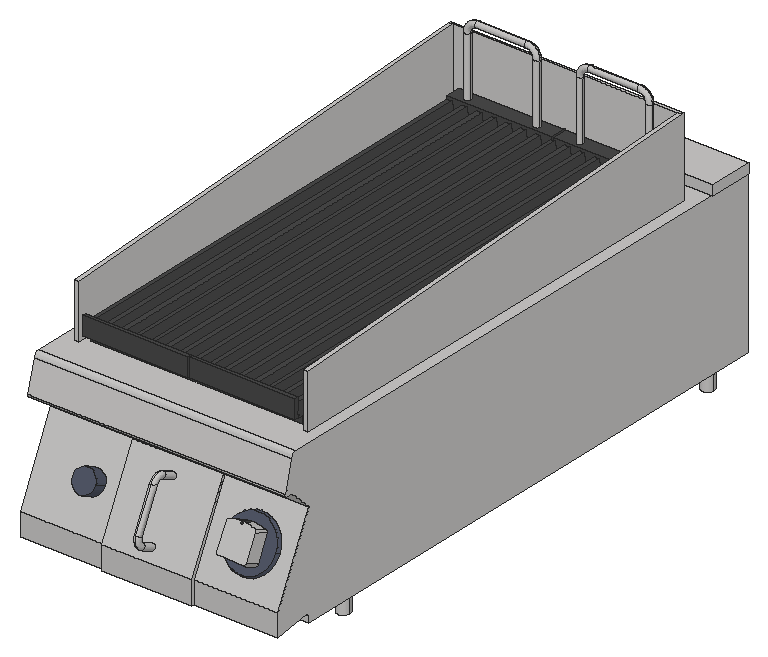
Revit family "QF_ZANUSSI_392219_Z9GRGDGC0P", category Specialty Equipment, Revit 2018
Family settings
  Round Connector Dimension = Use Diameter
  Part Type = Normal
  Work Plane-Based = No
  Always vertical = Yes
  Cut with Voids When Loaded = No
  Shared = No
  Room Calculation Point = No
Parameters
  Width = 400 mm  # constant formula
  Weight in Pounds = 60  # constant formula
  Weight = 0.00 kg
  Watts = 0 W
  Volts = 0 V
  URL Manufacturer = "http://www.zanussiprofessional.com"
  URL Cutsheet = "www.electrolux.com"
  URL = "http://www.zanussiprofessional.com"
  Type Mark [instance] = ""
  Steam Supply Size = 0"
  Steam Supply Minimum Pressure = 0.00 psi
  Steam Supply Maximum Pressure = 0.00 psi
  Steam Pounds per Hour = 0
  Status [instance] = ""
  Specification by User [instance] = ""
  Specification by Manufacturer = ""
  Show Logo [instance] = yes
  Show Clearance [instance] = yes
  Serial Number = ""
  Seismic Rating = ""
  SMACNA No = ""
  Revision Code [instance] = ""
  Refrigeration Suction Line Size = 0"
  Refrigeration Liquid Line Size = 0"
  Refrigerant Compressor Remote = yes
  Phase = 0
  Omniclass Number and Title = ""
  NAFEM Spec ID Number = ""
  Model = "Z9GRGDGC0P"
  Mechanical Remarks [instance] = ""
  Mechanical Connection Type [instance] = ""
  Masterspec = ""
  Manufacturer = "Zanussi"
  Length Actual = 400 mm  # constant formula
  Item Number [instance] = "392219"
  Installed By [instance] = ""
  Identify Quantity as Lot [instance] = yes
  Hot Water Size = 0"
  Height Actual = 250 mm  # constant formula
  HP = "0 HP"
  Gas Size = 3/4"
  Gas RI Height [instance] = 0 mm
  Gas KW [instance] = 10.5  # constant formula
  Gas Input [instance] = 0.370888 Btu/h
  Gas Connection Height = 0 mm
  Furnished By [instance] = ""
  Foodservice Equipment Identifier [instance] = yes
  Direct Waste Size = 0"
  Description = "GAS GRILL TOP HP 400MM"
  Depth Actual = 900 mm  # constant formula
  Depth = 915 mm  # constant formula
  Cycle = 0 Hz
  Condensate Return Size = 0"
  Compressed Air Volume = 0 GPM
  Compressed Air Size = 0"
  Compressed Air Pressure = 0.00 psi
  Cold Water Size = 0"
  CSI MasterFormat = ""
  CSI Master Format = ""
  Base Height [instance] = 0 mm
  Accessory = yes
Reference planes
  plane 1 "BACK": y = 0
  plane 2: z = 0
  plane 3 "LEFT": x = 0
  plane 4 "RIGHT": x = 400
  plane 5 "FRONT": y = -915
  plane 6 "TOP": z = 274
  plane 7 "Center Y": x = 200
  plane 8 "Center X": y = -457.5
  plane 9: z = 24
  plane 10: z = 424
  plane 11: x = 11
  plane 12: y = -1690
  plane 13: y = -65
  plane 14: y = -773
  plane 15: y = -941
  plane 16: x = 389
Forms (mm)
  Extrusion 1, solid, material "QF_Finishes_Black"
    sketch origin (52.271, -831.985, 287.7) x (-0.153405, 0, 0.988163) y (-0.988163, 0, -0.153405)
      loop
        line (30.666, 12.691) -> (1.657, 17.195) -> (-23.405, -144.246) -> (5.603, -148.75) -> (30.666, 12.691)
      loop
        line (-48.959, -308.85) -> (-19.95, -313.353) -> (5.112, -151.912) -> (-23.896, -147.408) -> (-48.959, -308.85)
    from 5 to 0
  Extrusion 2, solid, material "QF_Finishes_Stainless Steel"
    sketch origin (0, 0, 0) x (0, 1, 0) y (0, 0, 1)
      loop
        line (0, 24) -> (0, 274) -> (-879.358, 274)
        arc (-879.358, 274) -> (-884.643, 271.811) -> (-886.833, 266.526) r 7.474
        line (-886.833, 266.526) -> (-899.884, 221.011)
        arc (-899.884, 221.011) -> (-899.396, 218.379) -> (-897, 217.184) r 3
        line (-897, 217.184) -> (-886.802, 217.184) -> (-854.982, 185.364) -> (-915, 64.508) -> (-915, 29.508) -> (-858.645, 37.428)
        arc (-858.645, 37.428) -> (-856.101, 36.674) -> (-855, 34.259) r 3.2
        line (-855, 34.259) -> (-855, 24) -> (0, 24)
    from 0 to 400
  Extrusion 3, solid, material "QF_Finishes_Stainless Steel"
    sketch origin (0, 0, 0) x (1, 0, 0) y (0, 1, 0)
      loop
        circle (11, -65) r 9.525
      loop
        circle (11, -773) r 9.525
      loop
        circle (389, -65) r 9.525
      loop
        circle (389, -773) r 9.525
    from 0 to 24
  Extrusion 4, solid, material "QF_Finishes_Stainless Steel"
    sketch origin (151.15, -218.574, -25.128) x (0, 0.999563, -0.029571) y (0, 0.029571, 0.999563)
      loop
        line (-642.416, 191.447) -> (-645.323, 192.784) -> (-701.993, 69.659) -> (-700.936, 33.924) -> (-697.737, 34.018) -> (-698.772, 69.003) -> (-642.416, 191.447)
    from -21.15 to 118.85
  Sweep 5, solid, material "QF_Finishes_Stainless Steel"
    path origin (200, 192.426, 1182.446) x (0, 0.999563, -0.029571) y (0, 0.029571, 0.999563)
      loop
        line (-1030.726, -1048.776) -> (-1051.355, -1039.282)
        arc (-1051.355, -1039.282) -> (-1061.068, -1038.906) -> (-1068.202, -1045.508) r 12.7
        line (-1068.202, -1045.508) -> (-1095.749, -1105.361)
        arc (-1095.749, -1105.361) -> (-1096.125, -1115.074) -> (-1089.523, -1122.207) r 12.7
        line (-1089.523, -1122.207) -> (-1068.894, -1131.702)
    profile origin (200, -879.032, 169.659) x (0, -0.444781, -0.895639) y (1, 0, 0)
      loop
        circle (0, 0) r 4.572
  Extrusion 6, solid, material "QF_Door-Drawer Clearances", visible <- "Show Clearance", detail levels coarse
    sketch origin (200, 175.397, 1219.2) x (0, 1, 0) y (0, 0, 1)
      loop
        line (-1844.462, -1153.941) -> (-1844.462, -1189.692) -> (-1093.597, -1189.692) -> (-1093.597, -1153.941) -> (-1033.311, -1032.545) -> (-1784.176, -1032.545) -> (-1844.462, -1153.941)
    from 70 to -70
  Sweep 7, solid, material "QF_Door-Drawer Clearances", visible <- "Show Clearance", detail levels coarse
    path origin (200, 207.443, 1164.448) x (0, 0.999563, -0.029571) y (0, 0.029571, 0.999563)
      loop
        line (-1794.661, -1048.776) -> (-1815.29, -1039.282)
        arc (-1815.29, -1039.282) -> (-1825.003, -1038.906) -> (-1832.136, -1045.508) r 12.7
        line (-1832.136, -1045.508) -> (-1859.684, -1105.361)
        arc (-1859.684, -1105.361) -> (-1860.06, -1115.074) -> (-1853.457, -1122.207) r 12.7
        line (-1853.457, -1122.207) -> (-1832.829, -1131.702)
    profile origin (200, -1627.616, 174.251) x (0, -0.444781, -0.895639) y (1, 0, 0)
      loop
        circle (0, 0) r 4.572
  Extrusion 8, solid, material "QF_Finishes_Stainless Steel"
    sketch origin (35.025, -104.885, 275) x (0, 0, 1) y (1, 0, 0)
      loop
        line (-1, -16.35) -> (121.362, -16.35) -> (121.363, 346.3) -> (-1, 346.3) -> (-1, -16.35)
    from 0 to 3.2
  Extrusion 9, solid, material "QF_Finishes_Stainless Steel"
    sketch origin (0, 0, 24) x (-1, 0, 0) y (0, 1, 0)
      loop
        circle (-347.9, -663) r 6.35
    from 0 to 9
  Extrusion 10, solid, material "QF_Finishes_Stainless Steel"
    sketch origin (25.025, -104.885, 396.363) x (0, -1, 0) y (0, 0, -1)
      loop
        line (0, 0) -> (728.115, 38.857) -> (728.115, 122.363) -> (0, 122.363) -> (0, 0)
    from 0 to -6.35
  Extrusion 11, solid, material "QF_Finishes_Stainless Steel"
    sketch origin (374.975, -104.885, 396.363) x (0, -1, 0) y (0, 0, 1)
      loop
        line (0, 0) -> (0, -122.362) -> (728.115, -122.362) -> (728.115, -38.857) -> (0, 0)
    from 0 to -6.35
  Sweep 12, solid, material "QF_Finishes_Stainless Steel"
    path origin (-10.789, -118.772, 31.265) x (0, 0, 1) y (-1, 0, 0)
      loop
        line (279.79, -69.374) -> (372.677, -69.374)
        arc (372.677, -69.374) -> (383.453, -73.837) -> (387.917, -84.614) r 15.24
        line (387.917, -84.614) -> (387.917, -162.056)
        arc (387.917, -162.056) -> (383.453, -172.833) -> (372.677, -177.296) r 15.24
        line (372.677, -177.296) -> (279.79, -177.296)
    profile origin (58.585, -118.772, 357.499) x (-1, 0, 0) y (0, -1, 0)
      loop
        circle (0, 0) r 4.572
  Sweep 13, solid, material "QF_Finishes_Stainless Steel"
    path origin (410.789, -118.772, 31.265) x (0, 0, 1) y (-1, 0, 0)
      loop
        line (279.79, 69.374) -> (372.677, 69.374)
        arc (372.677, 69.374) -> (383.453, 73.837) -> (387.917, 84.614) r 15.24
        line (387.917, 84.614) -> (387.917, 162.056)
        arc (387.917, 162.056) -> (383.453, 172.833) -> (372.677, 177.296) r 15.24
        line (372.677, 177.296) -> (279.79, 177.296)
    profile origin (341.415, -118.772, 357.499) x (-1, 0, 0) y (0, -1, 0)
      loop
        circle (0, 0) r 4.572
  Extrusion 14, solid, material "QF_Finishes_Black"
    sketch origin (0, 0, 274) x (0, -1, 0) y (1, 0, 0)
      loop
        line (821.985, 198.45) -> (130.285, 198.45) -> (130.285, 35.025) -> (821.985, 35.025) -> (821.985, 198.45)
      loop
        line (821.985, 201.55) -> (821.985, 364.975) -> (130.285, 364.975) -> (130.285, 201.55) -> (821.985, 201.55)
    from 0 to 12.7
  Extrusion 15, solid, material "QF_Finishes_Black"
    sketch origin (0, 0, 286.7) x (0, -1, 0) y (1, 0, 0)
      loop
        line (104.885, 198.45) -> (104.885, 35.025) -> (130.285, 35.025) -> (130.285, 198.45) -> (104.885, 198.45)
      loop
        line (130.285, 201.55) -> (130.285, 364.975) -> (104.885, 364.975) -> (104.885, 201.55) -> (130.285, 201.55)
    from 0 to 24.356
  Extrusion 16, solid, material "QF_Finishes_Stainless Steel"
    sketch origin (0, 0, 274) x (0, -1, 0) y (1, 0, 0)
      loop
        line (0, 400) -> (0, 0) -> (69.85, 0) -> (69.85, 400) -> (0, 400)
    from 0 to 15
  Extrusion 17, solid, material "QF_Clearances", visible <- "Show Clearance", detail levels coarse
    sketch origin (0, 0, 0) x (1, 0, 0) y (0, 1, 0)
      loop
        line (400, -915) -> (552, -915) -> (552, 203) -> (-152, 203) -> (-152, -915) -> (0, -915) -> (0, 0) -> (400, 0) -> (400, -915)
    from 0 to 424
  Extrusion 18, solid, material "QF_Finishes_Stainless Steel"
    sketch origin (0, 0, 274) x (0, 0, -1) y (-1, 0, 0)
      loop
        circle (220.025, -347.613) r 9.525
    from -50.8 to -54
  Extrusion 19, solid, material "QF_Plastic-Black-Matte"
    sketch origin (279.193, -884.991, 124.936) x (0, 0.444781, 0.895639) y (0, 0.895639, -0.444781)
      loop
        line (26.984, -34) -> (23.984, -34) -> (23.984, -35) -> (26.984, -35)
        arc (26.984, -35) -> (27.691, -34.707) -> (27.984, -34) r 1
        line (27.984, -34) -> (27.984, -19) -> (26.984, -19) -> (26.984, -34)
    from -58.5 to -56.5
  Extrusion 20, solid, material "QF_Finishes_Stainless Steel"
    sketch origin (336.693, -884.991, 124.936) x (-1, 0, 0) y (0, -0.444781, -0.895639)
      loop
        line (17.5, -17.5) -> (17.5, 17.5) -> (-17.5, 17.5) -> (-17.5, -17.5) -> (17.5, -17.5)
    from 5 to 10
  Extrusion 21, solid, material "QF_Finishes_Stainless Steel"
    sketch origin (336.693, -884.991, 124.936) x (-1, 0, 0) y (0, -0.444781, -0.895639)
      loop
        arc (-21.147, -22.789) -> (0, -26.984) -> (21.147, -22.789) r 55.4
        arc (21.147, -22.789) -> (22.494, -21.685) -> (23, -20.019) r 2.997
        line (23, -20.019) -> (23, 20.019)
        arc (23, 20.019) -> (22.122, 22.138) -> (20.003, 23.016) r 2.997
        line (20.003, 23.016) -> (-20.003, 23.016)
        arc (-20.003, 23.016) -> (-22.122, 22.138) -> (-23, 20.019) r 2.997
        line (-23, 20.019) -> (-23, -20.019)
        arc (-23, -20.019) -> (-22.494, -21.685) -> (-21.147, -22.789) r 2.997
    from 10 to 34
  Blend 22, solid, material "QF_Finishes_Navy Blue"
    base sketch origin (336.693, -884.991, 124.936) x (1, 0, 0) y (0, 0.444781, 0.895639)
      loop
        circle (0, 0) r 42.5
    top sketch origin (336.693, -884.991, 124.936) x (1, 0, 0) y (0, 0.444781, 0.895639)
      loop
        circle (0, 0) r 40.5
    from 0 to 5
  Extrusion 23, solid, material "QF_Finishes_Navy Blue"
    sketch origin (146.818, -884.991, 124.936) x (1, 0, 0) y (0, 0.444781, 0.895639)
      loop
        circle (-55.001, 0) r 18
    from 3 to 23
  Extrusion 24, solid, material "QF_Finishes_Stainless Steel"
    sketch origin (7.817, -884.991, 124.936) x (1, 0, 0) y (0, 0.444781, 0.895639)
      loop
        circle (84, 0) r 15
    from 3 to 0
Cuts and joins
  joined: Extrusion 8, Extrusion 10, Extrusion 11
Lines and regions (mm)
  Split face 1
    outline origin (336.693, -889.469, 127.16) x (1, 0, 0) y (0, 0.444781, 0.895639)
      loop
        circle (0, 34.714) r 1.714
  Split face 2
    outline origin (336.693, -889.469, 127.16) x (1, 0, 0) y (0, 0.444781, 0.895639)
      loop
        circle (-17.357, 30.063) r 2
  Split face 3
    outline origin (336.693, -889.469, 127.16) x (1, 0, 0) y (0, 0.444781, 0.895639)
      loop
        circle (17.357, 30.063) r 2
  Split face 4
    outline origin (336.693, -889.469, 127.16) x (1, 0, 0) y (0, 0.444781, 0.895639)
      loop
        line (-23.985, -28.584) -> (-20.542, -24.481)
        arc (-20.542, -24.481) -> (-27.511, -15.911) -> (-31.231, -5.511) r 32.719
        line (-31.231, -5.511) -> (-37.141, -6.549)
        arc (-37.141, -6.549) -> (-32.568, -18.764) -> (-23.985, -28.584) r 36.411
  Split face 5
    outline origin (336.693, -889.469, 127.16) x (1, 0, 0) y (0, 0.444781, 0.895639)
      loop
        arc (20.441, -26.163) -> (0.211, -32.559) -> (-19.689, -25.201) r 32.719
        line (-19.689, -25.201) -> (-22.952, -29.377)
        arc (-22.952, -29.377) -> (-0.277, -36.495) -> (21.959, -28.107) r 36.411
        line (21.959, -28.107) -> (20.441, -26.163)
  Split face 6
    outline origin (336.693, -889.469, 127.16) x (1, 0, 0) y (0, 0.444781, 0.895639)
      loop
        line (21.361, -25.457) -> (22.903, -27.295)
        arc (22.903, -27.295) -> (31.935, -14.958) -> (35.104, 0) r 36.411
        line (35.104, 0) -> (33.714, 0)
        arc (33.714, 0) -> (30.431, -14.133) -> (21.361, -25.457) r 32.719
  Split face 7
    outline origin (336.693, -889.469, 127.16) x (1, 0, 0) y (0, 0.444781, 0.895639)
      loop
        arc (-37.695, 1.149) -> (-34.899, -3.19) -> (-31.619, 0.795) r 3.195
        line (-31.619, 0.795) -> (-32.379, 3.751)
        arc (-32.379, 3.751) -> (-34.462, 5.448) -> (-36.693, 3.952) r 2.258
        line (-36.693, 3.952) -> (-37.695, 1.149)
  symbolic lines, style "QF_Door-Drawer Clearances"
    curve 1: line (270, -1665.621, 0) -> (270, -915, 0)
    curve 2: line (270, -1665.621, 0) -> (218.222, -1665.621, 0)
    curve 3: line (130, -1665.621, 0) -> (130, -915, 0)
    curve 4: spline (213.65, -1617.352, 0) -> (214.247, -1617.369, 0) -> (214.833, -1617.417, 0) -> (215.4, -1617.498, 0) -> (215.936, -1617.608, 0) -> (216.433, -1617.747, 0) -> (216.883, -1617.912, 0) -> (217.277, -1618.1, 0) -> (217.609, -1618.308, 0) -> (217.874, -1618.532, 0) -> (218.066, -1618.769, 0) -> (218.183, -1619.014, 0) -> (218.222, -1619.264, 0)
    curve 5: spline (209.078, -1619.264, 0) -> (209.117, -1619.014, 0) -> (209.234, -1618.769, 0) -> (209.426, -1618.532, 0) -> (209.691, -1618.308, 0) -> (210.023, -1618.1, 0) -> (210.417, -1617.912, 0) -> (210.867, -1617.747, 0) -> (211.364, -1617.608, 0) -> (211.9, -1617.498, 0) -> (212.467, -1617.417, 0) -> (213.053, -1617.369, 0) -> (213.65, -1617.352, 0)
    curve 6: line (218.222, -1619.264, 0) -> (218.222, -1685.435, 0)
    curve 7: line (209.078, -1619.264, 0) -> (209.078, -1685.435, 0)
    curve 8: arc (209.078, -1685.435, 0) -> (213.65, -1690.007, 0) -> (218.222, -1685.435, 0) r 4.572
    curve 9: line (209.078, -1665.621, 0) -> (130, -1665.621, 0)
  symbolic lines
    curve 10: line (0, 0, 0) -> (0, -915, 0)
    curve 11: line (233.404, -123.365, 0) -> (341.02, -123.365, 0)
    curve 12: line (233.404, -114.221, 0) -> (341.02, -114.221, 0)
    curve 13: arc (341.02, -114.221, 0) -> (345.592, -118.793, 0) -> (341.02, -123.365, 0) r 4.572
    curve 14: arc (233.404, -114.221, 0) -> (228.832, -118.793, 0) -> (233.404, -123.365, 0) r 4.572
    curve 15: line (36.625, -130.285, 0) -> (366.298, -130.285, 0)
    curve 16: line (58.584, -123.344, 0) -> (166.539, -123.344, 0)
    curve 17: line (58.584, -114.2, 0) -> (166.539, -114.2, 0)
    curve 18: arc (166.539, -114.2, 0) -> (171.111, -118.772, 0) -> (166.539, -123.344, 0) r 4.572
    curve 19: arc (58.584, -114.2, 0) -> (54.012, -118.772, 0) -> (58.584, -123.344, 0) r 4.572
    curve 23: line (0, 0, 0) -> (400, 0, 0)
    curve 24: line (400, 0, 0) -> (400, -915, 0)
    curve 25: line (0, -54.85, 0) -> (400, -54.85, 0)
    curve 26: line (381.325, -86.685, 0) -> (18.675, -86.685, 0)
    curve 27: line (18.675, -86.685, 0) -> (18.675, -89.885, 0)
    curve 28: line (18.675, -89.885, 0) -> (25.025, -89.885, 0)
    curve 29: line (25.025, -89.885, 0) -> (374.975, -89.885, 0)
    curve 30: line (374.975, -89.885, 0) -> (381.325, -89.885, 0)
    curve 31: line (381.325, -89.885, 0) -> (381.325, -86.685, 0)
    curve 32: line (18.675, -833, 0) -> (18.675, -89.885, 0)
    curve 33: line (25.025, -833, 0) -> (25.025, -89.885, 0)
    curve 34: line (35.025, -89.885, 0) -> (35.025, -115.285, 0)
    curve 35: line (198.45, -115.285, 0) -> (198.45, -89.885, 0)
    curve 36: line (201.55, -89.885, 0) -> (201.55, -115.285, 0)
    curve 37: line (364.975, -115.285, 0) -> (364.975, -89.885, 0)
    curve 38: line (374.975, -89.885, 0) -> (374.975, -833, 0)
    curve 39: line (381.325, -89.885, 0) -> (381.325, -833, 0)
    curve 40: line (374.975, -833, 0) -> (381.325, -833, 0)
    curve 41: line (35.025, -821.985, 0) -> (364.975, -821.985, 0)
    curve 42: line (364.975, -821.985, 0) -> (364.975, -816.985, 0)
    curve 43: line (35.025, -816.985, 0) -> (35.025, -821.985, 0)
    curve 44: line (18.675, -833, 0) -> (25.025, -833, 0)
    curve 45: line (0, -900, 0) -> (400.05, -900, 0)
    curve 46: line (313.693, -900, 0) -> (313.693, -924.347, 0)
    curve 47: arc (313.693, -924.347, 0) -> (313.839, -924.811, 0) -> (314.225, -925.107, 0) r 0.809
    curve 48: arc (314.225, -925.107, 0) -> (315.413, -925.587, 0) -> (316.691, -925.68, 0) r 4.127
    curve 49: arc (313.693, -904.292, 0) -> (308.652, -902.458, 0) -> (303.884, -900, 0) r 42.24
    curve 50: arc (313.693, -906.539, 0) -> (314.195, -905.818, 0) -> (314.993, -905.448, 0) r 1.682
    curve 51: arc (314.993, -905.448, 0) -> (325.295, -903.95, 0) -> (335.693, -903.441, 0) r 109.079
    curve 52: line (335.693, -900, 0) -> (335.693, -905.671, 0)
    curve 53: line (335.693, -905.671, 0) -> (337.693, -905.671, 0)
    curve 54: line (337.693, -905.671, 0) -> (337.693, -900, 0)
    curve 55: line (359.693, -900, 0) -> (359.693, -924.347, 0)
    curve 56: arc (359.693, -924.347, 0) -> (359.547, -924.811, 0) -> (359.161, -925.107, 0) r 0.809
    curve 57: arc (359.161, -925.107, 0) -> (357.973, -925.587, 0) -> (356.696, -925.68, 0) r 4.127
    curve 58: arc (359.693, -904.292, 0) -> (364.734, -902.458, 0) -> (369.502, -900, 0) r 42.24
    curve 59: arc (359.693, -906.539, 0) -> (359.191, -905.818, 0) -> (358.394, -905.448, 0) r 1.682
    curve 60: arc (358.394, -905.448, 0) -> (348.091, -903.95, 0) -> (337.693, -903.441, 0) r 109.079
    curve 61: line (316.691, -925.68, 0) -> (356.696, -925.68, 0)
    curve 62: line (359.693, -915, 0) -> (400, -915, 0)
    curve 63: line (0, -915, 0) -> (195.425, -915, 0)
    curve 64: arc (195.425, -936.831, 0) -> (199.998, -941.404, 0) -> (204.57, -936.831, 0) r 4.573
    curve 66: line (204.57, -936.831, 0) -> (204.57, -900, 0)
    curve 67: line (204.57, -915, 0) -> (313.693, -915, 0)
    curve 68: line (73.817, -905.591, 0) -> (73.817, -900, 0)
  symbolic lines, style "QF_Clearances", visible <- "Show Clearance", detail levels coarse
    curve 20: line (552, 203, 0) -> (-152, 203, 0)
    curve 21: line (-152, 203, 0) -> (-152, -915, 0)
    curve 22: line (552, -915, 0) -> (552, 203, 0)
  symbolic lines, style "SpecialityEquipment"
    curve 65: line (195.425, -936.831, 0) -> (195.425, -900, 0)
    curve 69: spline (73.817, -905.591, 0) -> (74.43, -907.663, 0) -> (76.228, -909.594, 0) -> (79.089, -911.252, 0) -> (82.817, -912.524, 0) -> (87.158, -913.324, 0) -> (91.817, -913.597, 0) -> (96.475, -913.324, 0) -> (100.817, -912.524, 0) -> (104.544, -911.252, 0) -> (107.405, -909.594, 0) -> (109.203, -907.663, 0) -> (109.817, -905.591, 0)
    curve 70: spline (109.817, -905.591, 0) -> (109.779, -905.075, 0) -> (109.667, -904.562, 0) -> (109.481, -904.053, 0) -> (109.222, -903.55, 0) -> (108.891, -903.056, 0) -> (108.489, -902.573, 0) -> (108.017, -902.102, 0) -> (107.479, -901.645, 0) -> (106.875, -901.205, 0) -> (106.209, -900.783, 0) -> (105.483, -900.381, 0) -> (104.701, -900, 0)
    curve 71: line (109.817, -905.591, 0) -> (109.817, -900, 0)
    curve 72: spline (78.932, -900, 0) -> (78.15, -900.381, 0) -> (77.424, -900.783, 0) -> (76.758, -901.205, 0) -> (76.154, -901.645, 0) -> (75.616, -902.102, 0) -> (75.144, -902.573, 0) -> (74.742, -903.056, 0) -> (74.411, -903.55, 0) -> (74.152, -904.053, 0) -> (73.966, -904.562, 0) -> (73.854, -905.075, 0) -> (73.817, -905.591, 0)
Dimensions and locks
  equal spacing: plane 3 "LEFT", plane 7 "Center Y", plane 4 "RIGHT"
  "Width": plane 3 "LEFT" to plane 4 "RIGHT"
  equal spacing: plane 5 "FRONT", plane 8 "Center X", plane 1 "BACK"
  "Depth": plane 5 "FRONT" to plane 1 "BACK"
  plane 6 "TOP" to level = 274 mm
  plane 9 to level = 24 mm
  plane 6 "TOP" to plane 9 = 250 mm  (x2)
  plane 10 to level = 424 mm
  plane 10 to plane 9 = 400 mm
  plane 1 "BACK" to plane 12 = 1690 mm
  plane 1 "BACK" to plane 5 "FRONT" = 915 mm
  plane 5 "FRONT" to plane 14 to plane 13 to plane 1 "BACK" = 142 mm, 708 mm, 65 mm
  plane 9 to plane 2 = 24 mm
  Extrusion 16 to plane 9 = 265 mm
  plane 12 to plane 1 "BACK" = 1690 mm
  plane 5 "FRONT" to plane 1 "BACK" = 915 mm
  plane 15 to plane 1 "BACK" = 941 mm
  Extrusion 9 to plane 9 = 9 mm
  Extrusion 9 sketch curve to plane 1 "BACK" = 663 mm
  Extrusion 18 sketch curve to plane 4 "RIGHT" = 52.388 mm
  Extrusion 18 sketch curve to level = 53.975 mm
  aligned and locked: level to plane 2
Automatic sketch dimensions
  plane 6 "TOP" to Extrusion 1 sketch curve = 12.7 mm
  plane 4 "RIGHT" to Extrusion 1 sketch curve = 35.025 mm
  Extrusion 1 sketch curve to Extrusion 1 sketch curve = 25.063 mm  (x2)
  Extrusion 1 sketch curve to Extrusion 1 sketch curve = 0.491 mm  (x2)
  Extrusion 1 sketch curve to Extrusion 1 sketch curve = 29.008 mm
  Extrusion 1 sketch curve to Extrusion 1 sketch curve = 4.503 mm
  Extrusion 1 sketch curve to Extrusion 1 sketch curve = 3.162 mm  (x2)
  Extrusion 8 sketch curve to plane 6 "TOP" = 0 mm
  Extrusion 8 sketch curve to plane 10 = 27.637 mm
  Extrusion 8 sketch curve to plane 11 = 7.675 mm
  plane 4 "RIGHT" to Extrusion 8 sketch curve = 18.675 mm
  Extrusion 10 sketch curve to plane 6 "TOP" = 0 mm
  Extrusion 10 sketch curve to plane 10 = 27.637 mm
  plane 1 "BACK" to Extrusion 10 sketch curve = 104.885 mm
  Extrusion 10 sketch curve to plane 5 "FRONT" = 82 mm
  Extrusion 10 sketch curve to plane 10 = 66.495 mm
  Extrusion 11 sketch curve to plane 6 "TOP" = 0 mm
  Extrusion 11 sketch curve to plane 10 = 27.637 mm
  plane 1 "BACK" to Extrusion 11 sketch curve = 104.885 mm
  Extrusion 11 sketch curve to plane 5 "FRONT" = 82 mm
  Extrusion 11 sketch curve to plane 10 = 66.495 mm
  plane 6 "TOP" to Sweep 12 sketch curve = 37.056 mm  (x2)
  Sweep 12 sketch curve to plane 10 = 20.058 mm  (x2)
  Sweep 12 sketch curve to plane 10 = 4.818 mm
  Sweep 12 sketch curve to plane 7 "Center Y" = 33.492 mm
  Sweep 12 sketch curve to plane 11 = 62.825 mm
  Sweep 12 sketch curve to profile plane = 0 mm
  profile plane to Sweep 12 sketch curve = 0 mm
  plane 6 "TOP" to Sweep 13 sketch curve = 37.056 mm  (x2)
  Sweep 13 sketch curve to plane 10 = 20.058 mm  (x2)
  Sweep 13 sketch curve to plane 10 = 4.818 mm
  plane 4 "RIGHT" to Sweep 13 sketch curve = 58.585 mm
  plane 7 "Center Y" to Sweep 13 sketch curve = 48.732 mm
  Sweep 13 sketch curve to profile plane = 0 mm
  profile plane to Sweep 13 sketch curve = 0 mm
  Extrusion 14 sketch curve to Extrusion 14 sketch curve = 0 mm  (x2)
  Extrusion 14 sketch curve to Extrusion 14 sketch curve = 163.425 mm
  Extrusion 14 sketch curve to Extrusion 14 sketch curve = 3.1 mm
  Extrusion 15 sketch curve to Extrusion 14 = 0 mm  (x5)
  Extrusion 14 to Extrusion 15 sketch curve = 0 mm
  Extrusion 14 to Extrusion 15 sketch curve = 25.4 mm
  Extrusion 15 sketch curve to Extrusion 15 sketch curve = 25.4 mm
  Extrusion 3 sketch curve to plane 11 = 0 mm  (x2)
  Extrusion 3 sketch curve to plane 14 = 0 mm  (x2)
  Extrusion 3 sketch curve to plane 16 = 0 mm  (x2)
  plane 13 to Extrusion 3 sketch curve = 0 mm  (x2)
  Extrusion 17 sketch curve to plane 3 "LEFT" = 0 mm
  Extrusion 17 sketch curve to plane 4 "RIGHT" = 0 mm
  Extrusion 17 sketch curve to plane 1 "BACK" = 0 mm
  Extrusion 17 sketch curve to plane 1 "BACK" = 203 mm
  Extrusion 17 sketch curve to plane 3 "LEFT" = 152 mm
  Extrusion 17 sketch curve to plane 4 "RIGHT" = 152 mm
  plane 15 to Extrusion 17 sketch curve = 26 mm  (x2)
  Extrusion 2 sketch curve to plane 6 "TOP" = 0 mm
  Extrusion 2 sketch curve to plane 9 = 0 mm
  plane 9 to Extrusion 2 sketch curve = 5.508 mm
  plane 12 to Extrusion 2 sketch curve = 775 mm
  plane 12 to Extrusion 2 sketch curve = 790.116 mm
  Extrusion 2 sketch curve to Extrusion 2 sketch curve = 2.884 mm
  Extrusion 2 sketch curve to plane 6 "TOP" = 7.474 mm
  Extrusion 2 sketch curve to Extrusion 2 sketch curve = 13.051 mm
  Extrusion 2 sketch curve to Extrusion 2 sketch curve = 10.198 mm
  plane 9 to Extrusion 2 sketch curve = 13.428 mm
  plane 12 to Extrusion 2 sketch curve = 831.355 mm
  Extrusion 2 sketch curve to Extrusion 2 sketch curve = 0.445 mm
  Extrusion 2 sketch curve to Extrusion 2 sketch curve = 3.2 mm
  Extrusion 2 sketch curve to Extrusion 2 sketch curve = 31.82 mm  (x2)
  Extrusion 2 sketch curve to plane 5 "FRONT" = 915 mm
  Extrusion 2 sketch curve to Extrusion 2 sketch curve = 35 mm
  Extrusion 2 sketch curve to Extrusion 2 sketch curve = 81.162 mm
  Extrusion 2 sketch curve to Extrusion 2 sketch curve = 3 mm
  Extrusion 9 sketch curve to plane 16 = 41.1 mm
  Extrusion 14 sketch curve to plane 16 = 24.025 mm
  plane 13 to Extrusion 14 sketch curve = 65.285 mm
  Extrusion 14 sketch curve to plane 14 = 48.985 mm
  Extrusion 14 sketch curve to plane 11 = 24.025 mm
  plane 1 "BACK" to Extrusion 16 sketch curve = 0 mm
  Extrusion 16 sketch curve to plane 3 "LEFT" = 0 mm
  Extrusion 16 sketch curve to plane 4 "RIGHT" = 0 mm
  plane 13 to Extrusion 16 sketch curve = 4.85 mm
  plane 15 to Sweep 5 sketch curve = 5.47 mm
  plane 9 to Sweep 5 sketch curve = 85.971 mm
  Sweep 5 sketch curve to Sweep 5 sketch curve = 6.227 mm
  Sweep 5 sketch curve to Sweep 5 sketch curve = 11.537 mm  (x2)
  Sweep 5 sketch curve to Sweep 5 sketch curve = 27.548 mm
  Sweep 5 sketch curve to Sweep 5 sketch curve = 5.31 mm  (x3)
  Sweep 5 sketch curve to Sweep 5 sketch curve = 59.852 mm
  Sweep 5 sketch curve to Sweep 5 sketch curve = 20.629 mm  (x2)
  Sweep 5 sketch curve to Sweep 5 sketch curve = 9.495 mm  (x2)
  Sweep 5 sketch curve to plane 7 "Center Y" = 0 mm
  Sweep 5 sketch curve to profile plane = 0 mm
  Extrusion 4 sketch curve to plane 5 "FRONT" = 0 mm  (x2)
  plane 9 to Extrusion 4 sketch curve = 41.259 mm
  Extrusion 4 sketch curve to Extrusion 4 sketch curve = 3.221 mm
  Extrusion 4 sketch curve to Extrusion 4 sketch curve = 53.449 mm
  Extrusion 4 sketch curve to Extrusion 4 sketch curve = 2.907 mm
  Extrusion 4 sketch curve to Extrusion 4 sketch curve = 2.164 mm
  Extrusion 4 sketch curve to Extrusion 4 sketch curve = 0.095 mm
  Extrusion 19 sketch curve to plane 5 "FRONT" = 9.329 mm
  Extrusion 19 sketch curve to plane 6 "TOP" = 112.016 mm
  Extrusion 19 sketch curve to Extrusion 19 sketch curve = 3 mm
  Extrusion 19 sketch curve to Extrusion 19 sketch curve = 0 mm
  Extrusion 19 sketch curve to Extrusion 19 sketch curve = 1 mm  (x2)
  Extrusion 19 sketch curve to Extrusion 19 sketch curve = 15 mm
  Extrusion 20 sketch curve to plane 11 = 343.193 mm
  plane 3 "LEFT" to Extrusion 20 sketch curve = 319.193 mm
  Extrusion 20 sketch curve to Extrusion 20 sketch curve = 35 mm
  plane 3 "LEFT" to Extrusion 21 sketch curve = 336.693 mm
  Extrusion 21 sketch curve to plane 11 = 345.696 mm  (x2)
  Extrusion 21 sketch curve to Extrusion 21 sketch curve = 2.997 mm  (x2)
  plane 3 "LEFT" to Extrusion 21 sketch curve = 316.691 mm  (x2)
  Extrusion 21 sketch curve to Extrusion 21 sketch curve = 0 mm  (x2)
  Extrusion 21 sketch curve to Extrusion 21 sketch curve = 40.037 mm
  Extrusion 21 sketch curve to Extrusion 21 sketch curve = 5.399 mm
  plane 3 "LEFT" to Blend 22 sketch curve = 336.693 mm  (x2)
  Split face 4 sketch curve to Split face 4 sketch curve = 5.909 mm
  Split face 4 sketch curve to Split face 4 sketch curve = 7.246 mm
  Split face 4 sketch curve to Split face 4 sketch curve = 3.443 mm
  Split face 4 sketch curve to Split face 4 sketch curve = 29.925 mm
  Split face 4 sketch curve to Split face 4 sketch curve = 2.301 mm
  Split face 4 sketch curve to Split face 4 sketch curve = 4.103 mm
  Split face 4 sketch curve to Split face 4 sketch curve = 17.932 mm
  Split face 4 sketch curve to Split face 4 sketch curve = 1.038 mm
  Split face 5 sketch curve to Split face 5 sketch curve = 3.262 mm
  Split face 5 sketch curve to Split face 5 sketch curve = 18.383 mm
  Split face 5 sketch curve to Split face 5 sketch curve = 2.301 mm
  Split face 5 sketch curve to Split face 5 sketch curve = 19.446 mm
  Split face 5 sketch curve to Split face 5 sketch curve = 1.519 mm
  Split face 5 sketch curve to Split face 5 sketch curve = 1.27 mm
  Split face 5 sketch curve to Split face 5 sketch curve = 1.944 mm
  Split face 5 sketch curve to Split face 5 sketch curve = 4.176 mm
  Split face 6 sketch curve to Split face 6 sketch curve = 2.301 mm
  Split face 6 sketch curve to Split face 6 sketch curve = 20.366 mm
  Split face 6 sketch curve to Split face 6 sketch curve = 1.542 mm
  Split face 6 sketch curve to Split face 6 sketch curve = 12.353 mm
  Split face 6 sketch curve to Split face 6 sketch curve = 1.391 mm
  Split face 6 sketch curve to Split face 6 sketch curve = 1.838 mm
  Split face 6 sketch curve to Split face 6 sketch curve = 25.358 mm
  Split face 7 sketch curve to Split face 7 sketch curve = 1.002 mm
  Split face 7 sketch curve to Split face 7 sketch curve = 2.982 mm
  Split face 7 sketch curve to Split face 7 sketch curve = 2.127 mm
  Split face 7 sketch curve to Split face 7 sketch curve = 2.188 mm
  Split face 7 sketch curve to Split face 7 sketch curve = 0.76 mm
  Split face 7 sketch curve to Split face 7 sketch curve = 0.795 mm
  Split face 7 sketch curve to Split face 7 sketch curve = 3.192 mm
  Split face 7 sketch curve to Split face 7 sketch curve = 0.559 mm
  plane 3 "LEFT" to Extrusion 23 sketch curve = 91.817 mm
  plane 3 "LEFT" to Extrusion 24 sketch curve = 91.817 mm
  plane 5 "FRONT" to Extrusion 6 sketch curve = 3.2 mm
  Extrusion 6 sketch curve to plane 5 "FRONT" = 57.086 mm
  plane 9 to Extrusion 6 sketch curve = 41.259 mm  (x2)
  Extrusion 6 sketch curve to plane 6 "TOP" = 87.345 mm
  plane 9 to Extrusion 6 sketch curve = 5.508 mm
  plane 12 to Extrusion 6 sketch curve = 20.935 mm
  plane 12 to Extrusion 6 sketch curve = 81.221 mm
  plane 12 to Sweep 7 sketch curve = 5.885 mm
  plane 9 to Sweep 7 sketch curve = 90.564 mm
  Sweep 7 sketch curve to Sweep 7 sketch curve = 6.227 mm
  Sweep 7 sketch curve to Sweep 7 sketch curve = 11.537 mm  (x2)
  Sweep 7 sketch curve to Sweep 7 sketch curve = 27.548 mm
  Sweep 7 sketch curve to Sweep 7 sketch curve = 5.31 mm  (x3)
  Sweep 7 sketch curve to Sweep 7 sketch curve = 59.852 mm
  Sweep 7 sketch curve to Sweep 7 sketch curve = 20.629 mm  (x2)
  Sweep 7 sketch curve to Sweep 7 sketch curve = 9.495 mm  (x2)
  Sweep 7 sketch curve to plane 7 "Center Y" = 0 mm
  Sweep 7 sketch curve to profile plane = 0 mm
  plane 5 "FRONT" to curve 21 = 0 mm
  plane 1 "BACK" to curve 10 = 0 mm
  curve 10 to plane 3 "LEFT" = 0 mm
  plane 5 "FRONT" to curve 3 = 0 mm
  plane 5 "FRONT" to curve 67 = 0 mm
  plane 5 "FRONT" to curve 62 = 0 mm
  curve 24 to plane 4 "RIGHT" = 0 mm
  plane 5 "FRONT" to curve 22 = 0 mm
  curve 20 to plane 3 "LEFT" = 152 mm
  curve 44 to plane 11 = 7.675 mm
  curve 27 to curve 28 = 6.35 mm
  curve 33 to curve 41 = 10 mm
  curve 28 to curve 19 = 33.559 mm
  curve 68 to plane 5 "FRONT" = 9.409 mm
  curve 68 to plane 11 = 62.817 mm
  curve 68 to curve 71 = 36 mm
  plane 12 to curve 3 = 24.379 mm
  curve 3 to plane 7 "Center Y" = 70 mm
  curve 17 to plane 7 "Center Y" = 33.461 mm
  curve 65 to plane 7 "Center Y" = 4.575 mm
  curve 35 to plane 7 "Center Y" = 1.55 mm
  curve 64 to plane 7 "Center Y" = 0.002 mm
  plane 7 "Center Y" to curve 7 = 9.078 mm
  curve 7 to curve 8 = 4.572 mm
  plane 7 "Center Y" to curve 14 = 33.404 mm
  plane 12 to curve 1 = 24.379 mm
  curve 2 to curve 1 = 51.778 mm
  plane 5 "FRONT" to curve 46 = 9.347 mm
  curve 1 to curve 46 = 43.693 mm
  curve 47 to curve 47 = 0.809 mm
  curve 50 to curve 50 = 1.583 mm
  curve 47 to curve 48 = 1.846 mm
  curve 47 to curve 61 = 2.189 mm
  curve 46 to curve 49 = 11.892 mm
  curve 52 to plane 5 "FRONT" = 9.329 mm
  curve 50 to curve 52 = 20.417 mm
  curve 51 to plane 16 = 53.176 mm
  curve 51 to curve 60 = 1.738 mm
  curve 52 to curve 54 = 2 mm
  curve 13 to plane 16 = 47.98 mm
  curve 49 to curve 58 = 22.215 mm
  curve 53 to curve 61 = 19.003 mm
  curve 57 to curve 57 = 0.343 mm
  curve 57 to curve 59 = 1.071 mm
  curve 61 to curve 56 = 2.189 mm
  curve 56 to curve 55 = 0.809 mm
  curve 41 to plane 16 = 24.025 mm
  curve 38 to plane 16 = 14.025 mm
  curve 29 to curve 26 = 6.35 mm
  curve 20 to plane 4 "RIGHT" = 152 mm
  plane 12 to curve 6 = 4.565 mm
  curve 2 to curve 6 = 46.357 mm
  curve 7 to curve 4 = 0 mm
  curve 51 to plane 15 = 71.519 mm
  curve 51 to curve 60 = 0 mm
  plane 15 to curve 64 = 4.169 mm
  curve 61 to curve 47 = 1.333 mm
  curve 61 to curve 55 = 1.333 mm
  curve 47 to curve 48 = 2.779 mm
  curve 56 to curve 57 = 2.779 mm
  curve 59 to plane 5 "FRONT" = 7.894 mm
  curve 50 to plane 5 "FRONT" = 7.894 mm
  curve 53 to curve 58 = 41.91 mm
  curve 49 to curve 58 = 0 mm
  curve 44 to plane 14 = 60 mm
  curve 58 to curve 38 = 30.761 mm
  curve 38 to curve 41 = 11.015 mm
  plane 13 to curve 11 = 58.365 mm
  plane 13 to curve 16 = 58.344 mm
  curve 11 to curve 13 = 4.572 mm
  curve 16 to curve 18 = 4.572 mm
  plane 13 to curve 27 = 24.885 mm
  curve 27 to curve 27 = 3.2 mm
  curve 21 to plane 1 "BACK" = 203 mm
  curve 34 to curve 17 = 23.559 mm
  curve 34 to curve 15 = 1.6 mm
  curve 72 to curve 68 = 0 mm
  curve 68 to curve 72 = 5.116 mm
  curve 70 to curve 69 = 0 mm  (x3)
  curve 72 to curve 69 = 0 mm  (x2)
  curve 70 to curve 71 = 5.116 mm
  plane 7 "Center Y" to curve 36 = 1.55 mm
  curve 4 to curve 5 = 0 mm
  curve 49 to curve 46 = 9.809 mm
  curve 50 to curve 50 = 0.284 mm
  curve 59 to curve 59 = 0.284 mm
  curve 37 to curve 29 = 10 mm
  curve 37 to curve 15 = 1.323 mm
  curve 55 to curve 58 = 9.809 mm
  curve 45 to plane 4 "RIGHT" = 0.05 mm
  curve 4 to curve 4 = 1.912 mm
  curve 59 to curve 59 = 0.567 mm
  curve 50 to curve 50 = 0.567 mm
  curve 60 to curve 58 = 1.156 mm
  curve 41 to curve 43 = 5 mm
  curve 41 to curve 42 = 5 mm
  curve 15 to curve 11 = 6.919 mm
  curve 15 to curve 34 = 15 mm
  curve 15 to curve 37 = 15 mm
  curve 25 to plane 13 = 10.15 mm
  curve 35 to curve 35 = 25.4 mm
  curve 35 to curve 36 = 0 mm
  radius of Extrusion 9 sketch curve = 6.35 mm
  radius of Sweep 12 sketch curve = 4.572 mm
  radius of Sweep 13 sketch curve = 4.572 mm
  radius of Extrusion 3 sketch curve = 9.525 mm  (x4)
  radius of Extrusion 18 sketch curve = 9.525 mm
  radius of Sweep 5 sketch curve = 4.572 mm
  radius of Blend 22 sketch curve = 42.5 mm
  radius of Blend 22 sketch curve = 40.5 mm
  radius of Split face 1 sketch curve = 1.714 mm
  radius of Split face 2 sketch curve = 2 mm
  radius of Split face 3 sketch curve = 2 mm
  radius of Extrusion 23 sketch curve = 18 mm
  radius of Extrusion 24 sketch curve = 15 mm
  radius of Sweep 7 sketch curve = 4.572 mm
Nested families
  nested 1: "QF_392219_GRILL" at (33.784, -130.285, 287.7), type "QF_392219_GRILL"
    with Type Mark "", Specification by User "", Revision Code "", Item Number "", Installed By "", Identify Quantity as Lot yes, Furnished By "", Foodservice Equipment Identifier yes
  nested 2: "QF_392219_GRILL" at (56.628, -130.285, 287.7), type "QF_392219_GRILL"
    with Type Mark "", Specification by User "", Revision Code "", Item Number "", Installed By "", Identify Quantity as Lot yes, Furnished By "", Foodservice Equipment Identifier yes
  nested 3: "QF_392219_GRILL" at (79.472, -130.285, 287.7), type "QF_392219_GRILL"
    with Type Mark "", Specification by User "", Revision Code "", Item Number "", Installed By "", Identify Quantity as Lot yes, Furnished By "", Foodservice Equipment Identifier yes
  nested 4: "QF_392219_GRILL" at (102.316, -130.285, 287.7), type "QF_392219_GRILL"
    with Type Mark "", Specification by User "", Revision Code "", Item Number "", Installed By "", Identify Quantity as Lot yes, Furnished By "", Foodservice Equipment Identifier yes
  nested 5: "QF_392219_GRILL" at (125.16, -130.285, 287.7), type "QF_392219_GRILL"
    with Type Mark "", Specification by User "", Revision Code "", Item Number "", Installed By "", Identify Quantity as Lot yes, Furnished By "", Foodservice Equipment Identifier yes
  nested 6: "QF_392219_GRILL" at (148.004, -130.285, 287.7), type "QF_392219_GRILL"
    with Type Mark "", Specification by User "", Revision Code "", Item Number "", Installed By "", Identify Quantity as Lot yes, Furnished By "", Foodservice Equipment Identifier yes
  nested 7: "QF_392219_GRILL" at (170.847, -130.285, 287.7), type "QF_392219_GRILL"
    with Type Mark "", Specification by User "", Revision Code "", Item Number "", Installed By "", Identify Quantity as Lot yes, Furnished By "", Foodservice Equipment Identifier yes
  nested 8: "QF_392219_GRILL" at (193.691, -130.285, 287.7), type "QF_392219_GRILL"
    with Type Mark "", Specification by User "", Revision Code "", Item Number "", Installed By "", Identify Quantity as Lot yes, Furnished By "", Foodservice Equipment Identifier yes
  nested 9: "QF_392219_GRILL" at (216.535, -130.285, 287.7), type "QF_392219_GRILL"
    with Type Mark "", Specification by User "", Revision Code "", Item Number "", Installed By "", Identify Quantity as Lot yes, Furnished By "", Foodservice Equipment Identifier yes
  nested 10: "QF_392219_GRILL" at (239.379, -130.285, 287.7), type "QF_392219_GRILL"
    with Type Mark "", Specification by User "", Revision Code "", Item Number "", Installed By "", Identify Quantity as Lot yes, Furnished By "", Foodservice Equipment Identifier yes
  nested 11: "QF_392219_GRILL" at (262.223, -130.285, 287.7), type "QF_392219_GRILL"
    with Type Mark "", Specification by User "", Revision Code "", Item Number "", Installed By "", Identify Quantity as Lot yes, Furnished By "", Foodservice Equipment Identifier yes
  nested 12: "QF_392219_GRILL" at (285.067, -130.285, 287.7), type "QF_392219_GRILL"
    with Type Mark "", Specification by User "", Revision Code "", Item Number "", Installed By "", Identify Quantity as Lot yes, Furnished By "", Foodservice Equipment Identifier yes
  nested 13: "QF_392219_GRILL" at (307.91, -130.285, 287.7), type "QF_392219_GRILL"
    with Type Mark "", Specification by User "", Revision Code "", Item Number "", Installed By "", Identify Quantity as Lot yes, Furnished By "", Foodservice Equipment Identifier yes
  nested 14: "QF_392219_GRILL" at (330.754, -130.285, 287.7), type "QF_392219_GRILL"
    with Type Mark "", Specification by User "", Revision Code "", Item Number "", Installed By "", Identify Quantity as Lot yes, Furnished By "", Foodservice Equipment Identifier yes
  nested 15: "QF_392219_GRILL" at (353.598, -130.285, 287.7), type "QF_392219_GRILL"
    with Type Mark "", Specification by User "", Revision Code "", Item Number "", Installed By "", Identify Quantity as Lot yes, Furnished By "", Foodservice Equipment Identifier yes
Connectors
  piping at (347.613, -50.8, 53.975), diameter 19
    settings: on Extrusion 18, index 1, connector inside diameter 0.74803", connector length 0 mm, flow factor 0, pipe flow 0 GPM, pressure drop 0.00 psi, fitting loss kfactor 0, connector angle 0.00°, fixture units 0, engagement length 0 mm, angle of deflection 0.00°, flow configuration 1, flow direction 1, fitting loss method 0, system type 7, joint type 0, gender type 0, connector reference index -1, connector utility 0, adjustable connector no, is connector primary yes, connector description "GAS CONNECTION"
Definition of nested family "QF_392219_GRILL"
  Parameters
    Weight in Pounds = 0
    URL Cutsheet = ""
    URL = ""
    Type Mark [instance] = ""
    Specification by User [instance] = ""
    Specification by Manufacturer = ""
    Serial Number = ""
    Seismic Rating = ""
    SMACNA No = ""
    Revision Code [instance] = ""
    Omniclass Number and Title = ""
    NAFEM Spec ID Number = ""
    Model = ""
    Masterspec = ""
    Manufacturer = ""
    Item Number [instance] = ""
    Installed By [instance] = ""
    Identify Quantity as Lot [instance] = yes
    Furnished By [instance] = ""
    Foodservice Equipment Identifier [instance] = yes
    Description = ""
    CSI MasterFormat = ""
    CSI Master Format = ""
    Assembly Code = ""
  Reference planes
    plane 1 "BACK": y = 0
    plane 2: z = 0
    plane 3 "LEFT": x = 0
    plane 4 "RIGHT": x = 12.7
    plane 5 "FRONT": y = -701.7
    plane 6 "TOP": z = 19.576
    plane 7 "Center Y": x = 6.35
    plane 8 "Center X": y = -350.85
    plane 9: y = -147.637
  Forms (mm)
    Extrusion 1, solid
      sketch origin (-1.421, -501.68, -12.7) x (1, 0, 0) y (0, 0, 1)
        loop
          line (1.421, 12.7) -> (14.121, 12.7) -> (11.081, 32.276) -> (4.46, 32.276) -> (1.421, 12.7)
      from 200.02 to -501.68
  Lines and regions (mm)
    symbolic lines
      curve 1: line (0, 0, 0) -> (12.7, 0, 0)
      curve 2: line (0, -701.7, 0) -> (0, 0, 0)
      curve 3: line (12.7, -701.7, 0) -> (0, -701.7, 0)
      curve 4: line (12.7, 0, 0) -> (12.7, -701.7, 0)
  Dimensions and locks
    equal spacing: plane 3 "LEFT", plane 7 "Center Y", plane 4 "RIGHT"
    plane 3 "LEFT" to plane 4 "RIGHT" = 12.7 mm
    equal spacing: plane 5 "FRONT", plane 8 "Center X", plane 1 "BACK"
    plane 5 "FRONT" to plane 1 "BACK" = 701.7 mm
    plane 6 "TOP" to level = 19.576 mm
    plane 1 "BACK" to plane 5 "FRONT" = 701.7 mm
    aligned and locked: level to plane 2
  Automatic sketch dimensions
    Extrusion 1 sketch curve to level = 0 mm
    Extrusion 1 sketch curve to plane 3 "LEFT" = 0 mm
    Extrusion 1 sketch curve to plane 6 "TOP" = 0 mm
    Extrusion 1 sketch curve to plane 4 "RIGHT" = 0 mm
    plane 3 "LEFT" to Extrusion 1 sketch curve = 3.039 mm
    Extrusion 1 sketch curve to plane 4 "RIGHT" = 3.039 mm
    curve 3 to plane 3 "LEFT" = 0 mm
    curve 3 to plane 4 "RIGHT" = 0 mm
    plane 5 "FRONT" to curve 3 = 0 mm
    plane 1 "BACK" to curve 2 = 0 mm
